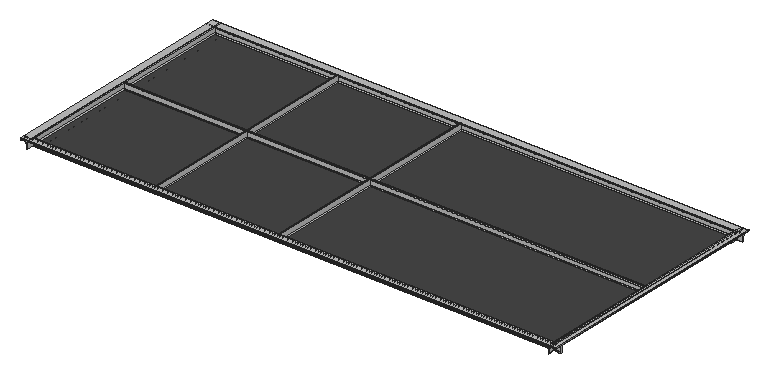
Revit family "BRU_Потолок_Кладовки", category Обобщенные модели, Revit 2021
Family settings
  Может служить основой для арматурных стержней = Нет
  Размер круглого соединителя = Использовать диаметр
  Тип детали = Нормальный
  На основе рабочей плоскости = Нет
  Всегда вертикально = Нет
  При загрузке вырезать с полостями = Нет
  Общий = Нет
  Точка принадлежности помещению = Нет
Parameters (values of type "l=3375(сетка)")
  Ширина1 [instance] = ADSK_Размер_Ширина - Толщина уголка * 2  # 1593 mm
  Ширина уголка = 50 mm  # constant formula
  Ширина сетки3 [instance] = if(Вторая перекладина, ADSK_Размер_Длина - Ширина уголка * 4 - Ширина между перекладинами1 - Ширина между перекладинами1 - Толщина уголка * 4, 100 mm)  # 1922.684 mm
  Ширина сетки2 [instance] = if(Вторая перекладина, Ширина между перекладинами1 + Ширина уголка * 2 - Толщина уголка * 2, ADSK_Размер_Длина - Ширина уголка * 2 - Ширина между перекладинами1 - Толщина уголка * 4)  # 854.658 mm
  Ширина сетки1 [instance] = Ширина между перекладинами1 + Ширина уголка * 2 - Толщина уголка * 2  # 854.658 mm
  Ширина между перекладинами2 [instance] = if(ADSK_Размер_Длина = (Ширина уголка * 4 + Ширина между перекладинами1 * 2), Ширина между перекладинами1 + 150 mm, Ширина между перекладинами1)  # 766.658 mm
  Ширина между перекладинами1 [instance] = 766.658 mm
  Ширина [instance] = ADSK_Размер_Ширина + Ширина уголка * 2 - Толщина уголка * 2  # 1693 mm
  Толщина уголка = 6 mm  # constant formula
  Толщина стенки = 4 mm  # constant formula
  Панель = BRU_СтенаМеталлическая : Сетка
  Отметка по умолчанию = 0 mm
  Материал стенки = Сетка для стен
  Длина1 [instance] = ADSK_Размер_Длина - Толщина уголка * 2  # 3668 mm
  Длина [instance] = ADSK_Размер_Длина + Ширина уголка * 2 - Толщина уголка * 2  # 3768 mm
  Группа модели = "BRU_Перегородка_СеткаМеталлическая"
  Вторая перекладина [instance] = (Ширина уголка * 4 + Ширина между перекладинами1 * 2) < ADSK_Размер_Длина  # yes
  l [instance] = (ADSK_Размер_Длина / 2) - Ширина уголка / 2  # 1815 mm
  L [instance] = l - Толщина уголка * 2  # 1803 mm
  H = 2500 mm
  ADSK_Размер_Ширина [instance] = 1605 mm
  ADSK_Размер_Площадь [instance] = ADSK_Размер_Длина * ADSK_Размер_Ширина  # 5.9064 m²
  ADSK_Размер_Длина [instance] = 3680 mm
Types (13, lengths in mm): name | Ширина1 | Ширина сетки3 | Ширина сетки2 | Ширина | Длина1 | Длина | Вторая перекладина | l | L | ADSK_Размер_Ширина | ADSK_Размер_Площадь | ADSK_Размер_Длина
  l=3375(сетка) | 1593 | 1922.684 | 854.658 | 1693 | 3668 | 3768 | yes | 1815 | 1803 | 1605 | 5.9064 m² | 3680
  1685х1725 | 1673 | 100 | 834.342 | 1773 | 1713 | 1813 | no | 837.5 | 825.5 | 1685 | 2.90663 m² | 1725
  3275 х 1685 | 1673 | 1517.684 | 854.658 | 1773 | 3263 | 3363 | yes | 1612.5 | 1600.5 | 1685 | 5.51837 m² | 3275
  1635х1055 | 1613 | 100 | 164.342 | 1713 | 1043 | 1143 | no | 502.5 | 490.5 | 1625 | 1.71438 m² | 1055
  1635х1575 | 1623 | 100 | 684.342 | 1723 | 1563 | 1663 | no | 762.5 | 750.5 | 1635 | 2.57513 m² | 1575
  1635х1700 | 1613 | 100 | 809.342 | 1713 | 1688 | 1788 | no | 825 | 813 | 1625 | 2.7625 m² | 1700
  1635х2045 | 1613 | 287.684 | 854.658 | 1713 | 2033 | 2133 | yes | 997.5 | 985.5 | 1625 | 3.32312 m² | 2045
  1825х1560 | 1813 | 100 | 669.342 | 1913 | 1548 | 1648 | no | 755 | 743 | 1825 | 2.847 m² | 1560
  1825х1720 | 1813 | 100 | 829.342 | 1913 | 1708 | 1808 | no | 835 | 823 | 1825 | 3.139 m² | 1720
  1635х1720 | 1613 | 100 | 829.342 | 1713 | 1708 | 1808 | no | 835 | 823 | 1625 | 2.795 m² | 1720
  1660х1750 | 1648 | -7.316 | 854.658 | 1748 | 1738 | 1838 | yes | 850 | 838 | 1660 | 2.905 m² | 1750
  1565 | 1593 | 100 | 674.342 | 1693 | 1553 | 1653 | no | 757.5 | 745.5 | 1605 | 2.51182 m² | 1565
  3450 | 1593 | 1604.684 | 854.658 | 1693 | 3350 | 3450 | yes | 1656 | 1644 | 1605 | 5.39601 m² | 3362
Reference planes
  plane 1: x = 4204.233
  plane 2: y = 2383.492
  plane 3: x = 5070.891
  plane 4: y = 1586.992
  plane 5: y = 3179.992
  plane 6: x = 7872.233
  plane 7: x = 6038.233
  plane 8: x = 5937.549
  plane 9: x = 5020.891
  plane 10: x = 5120.891
  plane 11: x = 4254.233
  plane 12: x = 5887.549
  plane 13: x = 5987.549
  plane 14: z = 6
  plane 15: x = 4215.162
  plane 16: y = 1592.992
  plane 17: x = 5064.891
  plane 18: x = 5076.891
  plane 19: x = 7866.233
  plane 20: y = 2377.492
  plane 21: y = 2389.492
  plane 22: y = 3173.992
  plane 23: x = 5943.549
  plane 24: x = 4198.233
  plane 25: x = 7878.233
  plane 26: y = 3185.992
  plane 27: y = 1580.992
Dimensions and locks
  equal spacing: plane 5, plane 2, plane 4
  equal spacing: plane 1, plane 7, plane 6
  "Ширина уголка": plane 1 to plane 11
  "Ширина уголка": plane 9 to plane 3
  "Ширина уголка": plane 3 to plane 10
  "Ширина уголка": plane 12 to plane 8
  "Ширина уголка": plane 8 to plane 13
  "Ширина между перекладинами1": plane 11 to plane 9
  "Ширина между перекладинами2": plane 10 to plane 12
  "Толщина уголка": level to plane 14
  plane 5 to plane 2 to plane 4 = 796.5 mm, 796.5 mm
  "Толщина уголка": plane 16 to plane 4
  "Толщина уголка": plane 2 to plane 20
  "Толщина уголка": plane 21 to plane 2
  "Толщина уголка": plane 5 to plane 22
  "Толщина уголка": plane 19 to plane 6
  "Толщина уголка": plane 17 to plane 3
  "Толщина уголка": plane 3 to plane 18
  "Толщина уголка": plane 8 to plane 23
  "Толщина уголка": plane 24 to plane 1
  "Толщина уголка": plane 6 to plane 25
  "ADSK_Размер_Длина": plane 24 to plane 25
  "Толщина уголка": plane 4 to plane 27
  "Толщина уголка": plane 26 to plane 5
  "ADSK_Размер_Ширина": plane 26 to plane 27
  aligned and locked: plane 4 to nested 5
  aligned and locked: level to nested 5
  aligned and locked: nested 1 to level
  aligned and locked: plane 2 to nested 2
  aligned and locked: plane 2 to nested 6
  aligned and locked: level to nested 2
  aligned and locked: nested 6 to level
  aligned and locked: nested 3 to plane 5
  aligned and locked: nested 3 to level
  aligned and locked: nested 4 to level
  aligned and locked: nested 4 to plane 4
  aligned and locked: nested 8 to plane 1
  aligned and locked: nested 9 to plane 3
  aligned and locked: level to nested 9
  aligned and locked: nested 7 to plane 6
  aligned and locked: level to nested 7
  aligned and locked: plane 6 to nested 10
  aligned and locked: nested 10 to level
  aligned and locked: nested 11 to level
  aligned and locked: plane 1 to nested 11
  aligned and locked: nested 12 to plane 3
  aligned and locked: nested 12 to level
  aligned and locked: nested 8 to plane 4
  aligned and locked: plane 4 to nested 7
  aligned and locked: plane 4 to nested 12
  aligned and locked: nested 9 to plane 4
  aligned and locked: plane 2 to nested 11
  aligned and locked: nested 10 to plane 2
  aligned and locked: plane 7 to nested 3
  aligned and locked: plane 7 to nested 4
  aligned and locked: nested 13 to plane 8
  aligned and locked: nested 14 to plane 8
  aligned and locked: nested 1 to plane 5
  aligned and locked: nested 15 to plane 15
  aligned and locked: nested 15 to plane 16
  aligned and locked: nested 15 to plane 20
  aligned and locked: nested 16 to plane 15
  aligned and locked: nested 16 to plane 22
  aligned and locked: nested 16 to plane 21
  aligned and locked: nested 17 to plane 18
  aligned and locked: nested 18 to plane 18
  aligned and locked: nested 18 to plane 16
  aligned and locked: nested 17 to plane 21
  aligned and locked: nested 18 to plane 20
  aligned and locked: nested 20 to plane 23
  aligned and locked: nested 19 to plane 23
  aligned and locked: nested 20 to plane 20
  aligned and locked: nested 19 to plane 21
  aligned and locked: nested 19 to plane 22
  aligned and locked: nested 20 to plane 16
  aligned and locked: nested 17 to plane 22
Nested families
  nested 1: "BRU_УголокСтальной_Равнополочный" at (4204.233, 3179.992, 0) x (0, 0, 1) z (1, 0, 0), ADSK_Размер_Длина <- "ADSK_Размер_Длина", type "50х50х6"
    with Низ no, Верх yes, BRU_Назначение "", ADSK_Размер_Длина 3680 mm
  nested 2: "BRU_УголокСтальной_Равнополочный" at (4204.233, 2383.492, 0) x (0, 1, 0) z (1, 0, 0), ADSK_Размер_Длина <- "Длина1", type "50х50х6"
    with Низ no, Верх yes, BRU_Назначение "", ADSK_Размер_Длина 3668 mm
  nested 3: "BRU_УголокСтальной_Равнополочный" at (4154.233, 3179.992, 50) x (0, 0, -1) z (1, 0, 0), ADSK_Размер_Длина <- "Длина", type "50х50х6"
    with Низ no, Верх yes, BRU_Назначение "", ADSK_Размер_Длина 3768 mm
  nested 4: "BRU_УголокСтальной_Равнополочный" at (4154.233, 1586.992, 50) x (0, -1, 0) z (1, 0, 0), ADSK_Размер_Длина <- "Длина", type "50х50х6"
    with Низ no, Верх yes, BRU_Назначение "", ADSK_Размер_Длина 3768 mm
  nested 5: "BRU_УголокСтальной_Равнополочный" at (4204.233, 1586.992, 0) x (0, 1, 0) z (1, 0, 0), ADSK_Размер_Длина <- "ADSK_Размер_Длина", type "50х50х6"
    with Низ no, Верх yes, BRU_Назначение "", ADSK_Размер_Длина 3680 mm
  nested 6: "BRU_УголокСтальной_Равнополочный" at (4204.233, 2383.492, 0) x (0, 0, 1) z (1, 0, 0), ADSK_Размер_Длина <- "Длина1", type "50х50х6"
    with Низ no, Верх yes, BRU_Назначение "", ADSK_Размер_Длина 3668 mm
  nested 7: "BRU_УголокСтальной_Равнополочный" at (7872.233, 1586.992, 0) x (-1, 0, 0) z (0, 1, 0), ADSK_Размер_Длина <- "ADSK_Размер_Ширина", type "50х50х6"
    with Низ no, Верх yes, BRU_Назначение "", ADSK_Размер_Длина 1605 mm
  nested 8: "BRU_УголокСтальной_Равнополочный" at (4204.233, 1586.992, 0) x (0, 0, 1) z (0, 1, 0), ADSK_Размер_Длина <- "ADSK_Размер_Ширина", type "50х50х6"
    with Низ no, Верх yes, BRU_Назначение "", ADSK_Размер_Длина 1605 mm
  nested 9: "BRU_УголокСтальной_Равнополочный" at (5070.891, 1586.992, 0) x (-1, 0, 0) z (0, 1, 0), ADSK_Размер_Длина <- "Ширина1", type "50х50х6"
    with Низ no, Верх yes, BRU_Назначение "", ADSK_Размер_Длина 1593 mm
  nested 10: "BRU_УголокСтальной_Равнополочный" at (7872.233, 1536.992, 50) x (1, 0, 0) z (0, 1, 0), ADSK_Размер_Длина <- "Ширина", type "50х50х6"
    with Низ no, Верх yes, BRU_Назначение "", ADSK_Размер_Длина 1693 mm
  nested 11: "BRU_УголокСтальной_Равнополочный" at (4204.233, 1536.992, 50) x (0, 0, -1) z (0, 1, 0), ADSK_Размер_Длина <- "Ширина", type "50х50х6"
    with Низ no, Верх yes, BRU_Назначение "", ADSK_Размер_Длина 1693 mm
  nested 12: "BRU_УголокСтальной_Равнополочный" at (5070.891, 1586.992, 0) x (1, 0, 0) z (0, 1, 0), ADSK_Размер_Длина <- "Ширина1", type "50х50х6"
    with Низ no, Верх yes, BRU_Назначение "", ADSK_Размер_Длина 1593 mm
  nested 13: "BRU_УголокСтальной_Равнополочный" at (5937.549, 1586.992, 0) x (-1, 0, 0) z (0, 1, 0), ADSK_Размер_Длина <- "Ширина1", visible <- "Вторая перекладина", type "50х50х6"
    with Низ no, Верх yes, BRU_Назначение "", ADSK_Размер_Длина 1593 mm
  nested 14: "BRU_УголокСтальной_Равнополочный" at (5937.549, 1586.992, 0) x (1, 0, 0) z (0, 1, 0), ADSK_Размер_Длина <- "Ширина1", visible <- "Вторая перекладина", type "50х50х6"
    with Низ no, Верх yes, BRU_Назначение "", ADSK_Размер_Длина 1593 mm
  nested 15: "BRU_СтенаМеталлическая" at (4215.162, 1985.242, 10) x (0, -1, 0) z (1, 0, 0), ADSK_Размер_Толщина <- "Толщина стенки", type <- "Панель", ADSK_Размер_Высота <- "Ширина сетки1", type "Сетка"
    with Низ no, Верх yes, ADSK_Размер_Толщина 4 mm, ADSK_Размер_Длина 784.5 mm, ADSK_Размер_Высота 854.658 mm
  nested 16: "BRU_СтенаМеталлическая" at (4215.162, 2781.742, 10) x (0, -1, 0) z (1, 0, 0), ADSK_Размер_Толщина <- "Толщина стенки", type <- "Панель", ADSK_Размер_Высота <- "Ширина сетки1", type "Сетка"
    with Низ no, Верх yes, ADSK_Размер_Толщина 4 mm, ADSK_Размер_Длина 784.5 mm, ADSK_Размер_Высота 854.658 mm
  nested 17: "BRU_СтенаМеталлическая" at (5076.891, 2781.742, 10) x (0, -1, 0) z (1, 0, 0), ADSK_Размер_Толщина <- "Толщина стенки", type <- "Панель", ADSK_Размер_Высота <- "Ширина сетки2", type "Сетка"
    with Низ no, Верх yes, ADSK_Размер_Толщина 4 mm, ADSK_Размер_Длина 784.5 mm, ADSK_Размер_Высота 854.658 mm
  nested 18: "BRU_СтенаМеталлическая" at (5076.891, 1985.242, 10) x (0, -1, 0) z (1, 0, 0), ADSK_Размер_Толщина <- "Толщина стенки", type <- "Панель", ADSK_Размер_Высота <- "Ширина сетки2", type "Сетка"
    with Низ no, Верх yes, ADSK_Размер_Толщина 4 mm, ADSK_Размер_Длина 784.5 mm, ADSK_Размер_Высота 854.658 mm
  nested 19: "BRU_СтенаМеталлическая" at (5943.549, 2781.742, 10) x (0, -1, 0) z (1, 0, 0), ADSK_Размер_Толщина <- "Толщина стенки", visible <- "Вторая перекладина", type <- "Панель", ADSK_Размер_Высота <- "Ширина сетки3", type "Сетка"
    with Низ no, Верх yes, ADSK_Размер_Толщина 4 mm, ADSK_Размер_Длина 784.5 mm, ADSK_Размер_Высота 1922.684 mm
  nested 20: "BRU_СтенаМеталлическая" at (5943.549, 1985.242, 10) x (0, -1, 0) z (1, 0, 0), ADSK_Размер_Толщина <- "Толщина стенки", visible <- "Вторая перекладина", type <- "Панель", ADSK_Размер_Высота <- "Ширина сетки3", type "Сетка"
    with Низ no, Верх yes, ADSK_Размер_Толщина 4 mm, ADSK_Размер_Длина 784.5 mm, ADSK_Размер_Высота 1922.684 mm
Definition of nested family "BRU_УголокСтальной_Равнополочный"
  Parameters (values of type "50х50х6")
    Default Elevation = 0 mm
    Низ [instance] = not(Верх)  # no
    Model = "Уголок 50х50х6"  # constant formula
    Верх [instance] = yes
    t = 6 mm  # constant formula
    r2 = 4.8 mm  # constant formula
    r1 = 4.8 mm  # constant formula
    r = 11 mm  # constant formula
    d = 50 mm  # constant formula
    b = 50 mm  # constant formula
    BRU_Назначение [instance] = ""
    ADSK_Размер_Длина [instance] = 2000 mm
  Reference planes
    plane 1 "По центру (Вперед/Назад)": y = 0
    plane 2: z = 0
    plane 3 "По центру (Влево/Вправо)": x = 0
    plane 4: x = 50
    plane 5: y = 50
    plane 6: y = 44
    plane 7: y = 6
    plane 8: x = 44
    plane 9: x = 6
    plane 10: z = 2000
    plane 11: z = 1000
  Forms (mm)
    Extrusion 1, solid
      sketch origin (0, 0, 0) x (1, 0, 0) y (0, 1, 0)
        loop
          line (0, 50) -> (0, 0) -> (50, 0) -> (50, 1.2)
          arc (50, 1.2) -> (48.594, 4.594) -> (45.2, 6) r 4.8
          line (45.2, 6) -> (17, 6)
          arc (17, 6) -> (9.222, 9.222) -> (6, 17) r 11
          line (6, 17) -> (6, 45.2)
          arc (6, 45.2) -> (4.594, 48.594) -> (1.2, 50) r 4.8
          line (1.2, 50) -> (0, 50)
      from 0 to 2000
  Dimensions and locks
    plane 3 "По центру (Влево/Вправо)" to plane 4 = 50 mm
    "d": plane 3 "По центру (Влево/Вправо)" to plane 4
    "b": plane 1 "По центру (Вперед/Назад)" to plane 5
    "t": plane 6 to plane 5
    "t": plane 1 "По центру (Вперед/Назад)" to plane 7
    "t": plane 3 "По центру (Влево/Вправо)" to plane 9
    "t": plane 8 to plane 4
    "ADSK_Размер_Длина": plane 2 to plane 10
    plane 2 to plane 10 = 2000 mm
    plane 3 "По центру (Влево/Вправо)" to Extrusion 1 = 50 mm
    equal spacing: plane 10, plane 11, level
    "r1": radius of Extrusion 1 sketch curve
    "r2": radius of Extrusion 1 sketch curve
    "r": radius of Extrusion 1 sketch curve
    aligned and locked: level to plane 2
    aligned and locked: Extrusion 1 to plane 10
  Automatic sketch dimensions
    Extrusion 1 sketch curve to plane 3 "По центру (Влево/Вправо)" = 0 mm
    plane 5 to Extrusion 1 sketch curve = 0 mm
    Extrusion 1 sketch curve to plane 9 = 0 mm
    plane 7 to Extrusion 1 sketch curve = 0 mm
    Extrusion 1 sketch curve to plane 4 = 0 mm
    plane 1 "По центру (Вперед/Назад)" to Extrusion 1 sketch curve = 0 mm
Definition of nested family "BRU_СтенаМеталлическая"
  Parameters (values of type "Профлист")
    Default Elevation = 1219.2 mm
    Низ [instance] = not(Верх)  # no
    Верх [instance] = yes
    ADSK_Размер_Толщина [instance] = 52.492 mm
    ADSK_Размер_Длина [instance] = 2000 mm
    ADSK_Размер_Высота [instance] = 2400 mm
    ADSK_Материал = none
  Types (2): name
    Профлист
    Сетка
  Reference planes
    plane 1 "По центру (Вперед/Назад)": y = 0
    plane 2: z = 0
    plane 3 "По центру (Влево/Вправо)": x = 0
    plane 4: z = 2400
    plane 5: x = -1000
    plane 6: x = 1000
    plane 7: y = 52.492
  Forms (mm)
    Extrusion 1, solid, material <- "ADSK_Материал"
      sketch origin (0, 0, 0) x (1, 0, 0) y (0, 1, 0)
        loop
          line (-1000, 52.492) -> (-1000, 0) -> (1000, 0) -> (1000, 52.492) -> (-1000, 52.492)
      from 0 to 2400
  Dimensions and locks
    "ADSK_Размер_Высота": plane 2 to plane 4
    plane 2 to plane 4 = 2400 mm
    equal spacing: plane 5, plane 3 "По центру (Влево/Вправо)", plane 6
    "ADSK_Размер_Длина": plane 5 to plane 6
    "ADSK_Размер_Толщина": plane 1 "По центру (Вперед/Назад)" to plane 7
    aligned and locked: level to plane 2
    aligned and locked: Extrusion 1 sketch curve to plane 7
    aligned and locked: plane 5 to Extrusion 1 sketch curve
    aligned and locked: Extrusion 1 sketch curve to plane 1 "По центру (Вперед/Назад)"
    aligned and locked: Extrusion 1 sketch curve to plane 6
    aligned and locked: Extrusion 1 to plane 4
